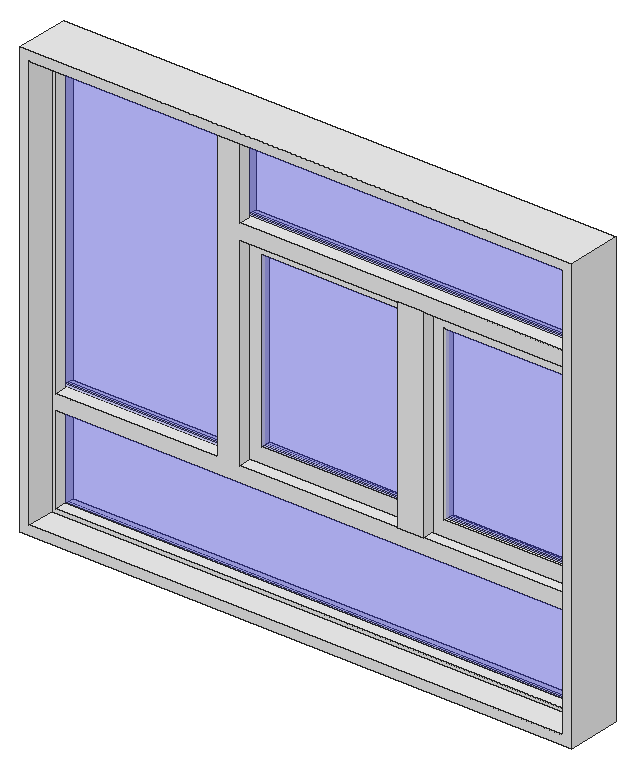
Revit family "f94038a98c554649bc48414b039e8972", category Windows, host Wall, Revit 2021
Family settings
  Host = Wall
  OmniClass Number = 23.30.20.00
  OmniClass Title = Windows
  Always vertical = Yes
  Cut with Voids When Loaded = No
  Shared = No
  Room Calculation Point = No
Parameters (values of type "61" x 48"")
  Window Inset [instance] = 0' - 0 5/8"
  Wall Thickness [instance] = 0' - 6"
  Visual Light Transmittance = 0.81
  Transom Height Ratio = 0.25
  Transom Height = Transom Height Ratio * Height  # 1' - 0"
  Thermal Resistance (R) = 1.8146 (h·ft²·°F)/BTU
  Solar Heat Gain Coefficient = 0.76
  Rough Width = Width + 0' 0 1/2"  # 5' - 1 1/2"
  Rough Height = Height + 0' 0 1/2"  # 4' - 0 1/2"
  Opening Window Height = Height - Transom Height * 2  # 2' - 0"
  Heat Transfer Coefficient (U) = 0.5511 BTU/(h·ft²·°F)
  Frame Material = Metal - Aluminum
  Height = 4' - 0"
  Glass Panel Material = Glass
  Frame Gap 3 [instance] = Frame Gap 1 + 0' 0 1/4"  # 0' - 1 83/128"
  Frame Gap 2 [instance] = if(Window Inset > 0' 0 5/8", Window Inset, 0' 0 5/8")  # 0' - 0 5/8"
  Frame Gap 1 = 0' - 1 51/128"
  Window Width = Width / 3  # 1' - 8.33333"
  Fire Rating = "0.5h"
  Default Sill Height = 3' - 0"
  Wall Closure = By host
  Width = 5' - 1"
  Assembly Code = "B2020100"
  Analytic Construction = "Double glazing - domestic"
Types (4): name | Transom Height Ratio | Transom Height | Rough Width | Rough Height | Opening Window Height | Height | Window Width | Width
  (no name) | 0.25 | 1' - 0" | 5' - 1 1/2" | 4' - 0 1/2" | 2' - 0" | 4' - 0" | 1' - 8.33333" | 5' - 1"
  72" x 53" | 0.3 | 1' - 3.9" | 6' - 0 1/2" | 4' - 5 1/2" | 1' - 9.2" | 4' - 5" | 2' - 0" | 6' - 0"
  61" x 48" | 0.25 | 1' - 0" | 5' - 1 1/2" | 4' - 0 1/2" | 2' - 0" | 4' - 0" | 1' - 8.33333" | 5' - 1"
  85" x 60" | 0.3 | 1' - 6" | 7' - 1 1/2" | 5' - 0 1/2" | 2' - 0" | 5' - 0" | 2' - 4.33333" | 7' - 1"
Reference planes (in)
  plane 1 "Center (Front/Back)": y = 0
  plane 2: z = 0
  plane 3 "Center (Left/Right)": x = 0
  plane 4 "Left": x = -30.5
  plane 5 "Right": x = 30.5
  plane 6 "Sill": z = 36
  plane 7 "Head": z = 84
  plane 8 "Exterior": y = 3
  plane 9 "Interior": y = -3
  plane 10 "Glass 1": y = 2.375
  plane 11: y = 0.125
  plane 12: x = -29.5
  plane 13: x = 29.5
  plane 14: y = 1.375
  plane 15: x = -29.10156
  plane 16: x = 29.10156
  plane 17: x = -10.16667
  plane 18: x = 10.16667
  plane 19: x = -11.16667
  plane 20: x = -9.16667
  plane 21: x = 9.16667
  plane 22: x = 11.16667
  plane 23: x = -11.5651
  plane 24: x = -8.76823
  plane 25: x = 8.76823
  plane 26: x = 11.5651
  plane 27: z = 83
  plane 28: z = 37
  plane 29 "Sash Offset": y = 2.625
  plane 30: y = 3
  plane 31: x = -27.85156
  plane 32: x = -12.8151
  plane 33: x = -7.51823
  plane 34: x = 7.51823
  plane 35: x = 12.8151
  plane 36: x = 27.85156
  plane 37: z = 37.39844
  plane 38: z = 82.60156
  plane 39 "Lower Transom": z = 48.82422
  plane 40 "Glass 2": y = 2.125
  plane 41 "Glass 3": y = 1.875
  plane 42 "Glass 4": y = 1.625
  plane 43: z = 60
  plane 44 "Mullion Offset": y = 2.875
  plane 45: z = 47.17578
  plane 46: z = 71.17578
  plane 47: z = 72.82422
  plane 48: z = 72
  plane 49: z = 48
Forms (in)
  Sweep 1, solid, material "Metal - Aluminum" <- "Frame Material"
    path origin (0, 0, 0) x (1, 0, 0) y (0, 0, 1)
      loop
        line (-30.5, 36) -> (30.5, 36) -> (30.5, 84) -> (-30.5, 84) -> (-30.5, 36)
    profile origin (-30.5, 0, 60) x (-1, 0, 0) y (0, -1, 0)
      loop
        line (0, -3) -> (0, 3) -> (-1, 3) -> (-1, -0.125) -> (-1.39844, -0.125) -> (-1.39844, -1.375) -> (-1, -1.375) -> (-1, -3) -> (0, -3)
  Extrusion 2, solid, material "Metal - Aluminum" <- "Frame Material"
    sketch origin (0, 0, 36) x (0, -1, 0) y (1, 0, 0)
      loop
        line (-2.875, -11.16667) -> (-0.125, -11.16667) -> (-0.125, -8.76823) -> (-1.375, -8.76823) -> (-1.375, -9.16667) -> (-2.875, -9.16667) -> (-2.875, -11.16667)
    from 12.82422 to 47
  Extrusion 3, solid, material "Glass" <- "Glass Panel Material"
    sketch origin (0, 0, 36) x (0, -1, 0) y (1, 0, 0)
      loop
        line (-2.375, 12.8151) -> (-2.125, 12.8151) -> (-2.125, 27.85156) -> (-2.375, 27.85156) -> (-2.375, 12.8151)
      loop
        line (-1.875, 12.8151) -> (-1.625, 12.8151) -> (-1.625, 27.85156) -> (-1.875, 27.85156) -> (-1.875, 12.8151)
      loop
        line (-2.375, -7.51823) -> (-2.125, -7.51823) -> (-2.125, 7.51823) -> (-2.375, 7.51823) -> (-2.375, -7.51823)
      loop
        line (-1.875, -7.51823) -> (-1.625, -7.51823) -> (-1.625, 7.51823) -> (-1.875, 7.51823) -> (-1.875, -7.51823)
    from 14.47266 to 33.52734
  Extrusion 4, solid, material "Metal - Aluminum" <- "Frame Material"
    sketch origin (-7.51823, 7.34112, 48) x (0, 1, 0) y (0, 0, 1)
      loop
        line (-4.46612, 0.82422) -> (-7.21612, 0.82422) -> (-7.21612, -0.82422) -> (-4.46612, -0.82422) -> (-4.46612, 0.82422)
    from -21.98177 to 37.01823
  Extrusion 5, solid, material "Glass" <- "Glass Panel Material"
    sketch origin (0, 0, 36) x (0, -1, 0) y (1, 0, 0)
      loop
        line (-2.375, -29.5) -> (-2.125, -29.5) -> (-2.125, -11.16667) -> (-2.375, -11.16667) -> (-2.375, -29.5)
      loop
        line (-1.875, -29.5) -> (-1.625, -29.5) -> (-1.625, -11.16667) -> (-1.875, -11.16667) -> (-1.875, -29.5)
    from 12.82422 to 47
  Extrusion 6, solid, material "Metal - Aluminum" <- "Frame Material"
    sketch origin (30.5, 0, 0) x (0, -1, 0) y (0, 0, 1)
      loop
        line (-2.875, 71.17578) -> (-0.125, 71.17578) -> (-0.125, 72.82422) -> (-2.875, 72.82422) -> (-2.875, 71.17578)
    from 1 to 39.66667
  Extrusion 7, solid, material "Metal - Aluminum" <- "Frame Material"
    sketch origin (0, 0, 36) x (0, -1, 0) y (1, 0, 0)
      loop
        line (-2.875, 9.16667) -> (-1.375, 9.16667) -> (-1.375, 8.76823) -> (-0.125, 8.76823) -> (-0.125, 11.5651) -> (-1.375, 11.5651) -> (-1.375, 11.16667) -> (-2.875, 11.16667) -> (-2.875, 9.16667)
    from 12.82422 to 35.17578
  Extrusion 8, solid, material "Glass" <- "Glass Panel Material"
    sketch origin (0, 0, 36) x (0, -1, 0) y (1, 0, 0)
      loop
        line (-1.875, -9.16667) -> (-1.625, -9.16667) -> (-1.625, 29.5) -> (-1.875, 29.5) -> (-1.875, -9.16667)
      loop
        line (-2.375, -9.16667) -> (-2.125, -9.16667) -> (-2.125, 29.5) -> (-2.375, 29.5) -> (-2.375, -9.16667)
    from 36.82422 to 47
  Extrusion 9, solid, material "Glass" <- "Glass Panel Material"
    sketch origin (0, 0, 36) x (0, -1, 0) y (1, 0, 0)
      loop
        line (-2.375, -29.5) -> (-2.125, -29.5) -> (-2.125, 29.5) -> (-2.375, 29.5) -> (-2.375, -29.5)
      loop
        line (-1.875, -29.5) -> (-1.625, -29.5) -> (-1.625, 29.5) -> (-1.875, 29.5) -> (-1.875, -29.5)
    from 1 to 11.17578
  Sweep 10, solid, material "Metal - Aluminum" <- "Frame Material"
    path origin (-18.69568, 2.625, 48) x (-1, 0, 0) y (0, 0, 1)
      loop
        line (-48.19568, 0.82422) -> (-29.86235, 0.82422) -> (-29.86235, 23.17578) -> (-48.19568, 23.17578) -> (-48.19568, 0.82422)
    profile origin (29.5, 2.625, 60) x (1, 0, 0) y (0, 1, 0)
      loop
        line (-1.64844, 0) -> (-1.64844, -1.25) -> (0, -1.25) -> (0, 0) -> (-1.64844, 0)
  Sweep 11, solid, material "Metal - Aluminum" <- "Frame Material"
    path origin (-18.69568, 2.625, 48) x (-1, 0, 0) y (0, 0, 1)
      loop
        line (-27.86235, 0.82422) -> (-9.52901, 0.82422) -> (-9.52901, 23.17578) -> (-27.86235, 23.17578) -> (-27.86235, 0.82422)
    profile origin (9.16667, 2.625, 60) x (1, 0, 0) y (0, 1, 0)
      loop
        line (0, 0) -> (-1.64844, 0) -> (-1.64844, -1) -> (0, -1) -> (0, 0)
Cuts and joins
  joined: Sweep 1, Extrusion 2, Extrusion 4, Extrusion 6
Lines and regions (in)
  Opening 1
    outline origin (-60, -3, 0) x (1, 0, 0) y (0, 0, 1)
      loop
        line (29.5, 84) -> (29.5, 36) -> (90.5, 36) -> (90.5, 84) -> (29.5, 84)
  symbolic lines, style "Elevation Swing"
    curve 1: line (11.16667, 2.625, 71.17578) -> (29.5, 2.625, 60)
    curve 2: line (29.5, 2.625, 60) -> (11.16667, 2.625, 48.82422)
    curve 3: line (9.16667, 2.625, 71.17578) -> (-9.16667, 2.625, 60)
    curve 4: line (-9.16667, 2.625, 60) -> (9.16667, 2.625, 48.82422)
Text (in)
  text "EXTERIOR" at (-58.6888, 50.90694, 0), in view "Ref. Level"
  text "INTERIOR" at (-58.6888, -37.76638, 0), in view "Ref. Level"
  text "Exterior" at (0, 43.65631, 123.19604), in view "Left"
  text "Exterior" at (0, 18.29385, 125.04747), in view "Right"
Dimensions and locks (in)
  equal spacing: plane 4 "Left", plane 3 "Center (Left/Right)", plane 5 "Right"
  "Width": plane 4 "Left" to plane 5 "Right"
  "Height": plane 6 "Sill" to plane 7 "Head"
  "Default Sill Height": plane 2 to plane 6 "Sill"
  locked: plane 4 "Left" to plane 12 at 1
  locked: plane 13 to plane 5 "Right" at 1
  "Frame Gap 1": plane 4 "Left" to plane 15
  "Frame Gap 1": plane 16 to plane 5 "Right"
  locked: plane 14 to plane 11 at 1.25
  equal spacing: plane 4 "Left", plane 17, plane 18, plane 5 "Right"
  locked: plane 19 to plane 17 at 1
  locked: plane 17 to plane 20 at 1
  locked: plane 21 to plane 18 at 1
  locked: plane 18 to plane 22 at 1
  "Frame Gap 1": plane 23 to plane 17
  "Frame Gap 1": plane 17 to plane 24
  "Frame Gap 1": plane 25 to plane 18
  "Frame Gap 1": plane 18 to plane 26
  locked: plane 7 "Head" to plane 27 at 1
  locked: plane 28 to plane 6 "Sill" at 1
  "Frame Gap 2": plane 30 to plane 10 "Glass 1"
  "Frame Gap 3": plane 12 to plane 31
  "Frame Gap 3": plane 32 to plane 19
  "Frame Gap 3": plane 20 to plane 33
  "Frame Gap 3": plane 34 to plane 21
  "Frame Gap 3": plane 22 to plane 35
  "Frame Gap 3": plane 36 to plane 13
  "Frame Gap 1": plane 6 "Sill" to plane 37
  "Frame Gap 1": plane 38 to plane 7 "Head"
  locked: plane 10 "Glass 1" to plane 40 "Glass 2" at 0.25
  locked: plane 40 "Glass 2" to plane 41 "Glass 3" at 0.25
  locked: plane 41 "Glass 3" to plane 42 "Glass 4" at 0.25
  locked: plane 10 "Glass 1" to plane 14 at 1
  locked: plane 29 "Sash Offset" to plane 10 "Glass 1" at 0.25
  locked: plane 44 "Mullion Offset" to plane 29 "Sash Offset" at 0.25
  "Frame Gap 3": plane 45 to plane 39 "Lower Transom"
  "Frame Gap 3": plane 46 to plane 47
  equal spacing: plane 45, plane 43, plane 47
  "Window Inset": plane 8 "Exterior" to plane 10 "Glass 1"
  "Wall Thickness": host wall to host wall
  equal spacing: plane 46, plane 48, plane 47
  "Transom Height": plane 48 to plane 7 "Head"
  equal spacing: plane 45, plane 49, plane 39 "Lower Transom"
  "Transom Height": plane 6 "Sill" to plane 49
  aligned and locked: plane 7 "Head" to Opening 1 sketch curve
  aligned and locked: plane 6 "Sill" to Opening 1 sketch curve  (x2)
  aligned and locked: plane 5 "Right" to Opening 1 sketch curve
  aligned and locked: plane 4 "Left" to Opening 1 sketch curve
  aligned and locked: level to plane 2
  aligned and locked: host wall to plane 8 "Exterior"
  aligned and locked: plane 9 "Interior" to host wall
  aligned and locked: Sweep 1 sketch curve to plane 4 "Left"  (x2)
  aligned and locked: plane 7 "Head" to Sweep 1 sketch curve  (x2)
  aligned and locked: plane 5 "Right" to Sweep 1 sketch curve  (x2)
  aligned and locked: plane 6 "Sill" to Sweep 1 sketch curve  (x2)
  aligned and locked: plane 4 "Left" to Sweep 1 sketch curve  (x2)
  aligned and locked: Sweep 1 sketch curve to plane 14
  aligned and locked: Sweep 1 sketch curve to plane 15
  aligned and locked: plane 11 to Sweep 1 sketch curve  (x2)
  aligned and locked: plane 9 "Interior" to Sweep 1 sketch curve  (x2)
  aligned and locked: plane 12 to Sweep 1 sketch curve  (x2)
  aligned and locked: plane 15 to Sweep 1 sketch curve
  aligned and locked: plane 14 to Sweep 1 sketch curve
  aligned and locked: Extrusion 2 to Sweep 1
  aligned and locked: plane 30 to Sweep 1 sketch curve  (x2)
  aligned and locked: plane 10 "Glass 1" to Extrusion 3 sketch curve
  aligned and locked: Extrusion 3 sketch curve to plane 35  (x2)
  aligned and locked: Extrusion 3 sketch curve to plane 40 "Glass 2"  (x2)
  aligned and locked: plane 36 to Extrusion 3 sketch curve  (x2)
  aligned and locked: plane 41 "Glass 3" to Extrusion 3 sketch curve  (x2)
  aligned and locked: Extrusion 3 sketch curve to plane 42 "Glass 4"  (x2)
  aligned and locked: nested 1 to plane 5 "Right"
  aligned and locked: plane 18 to nested 1
  aligned and locked: plane 13 to curve 2
  aligned and locked: plane 43 to curve 1
  aligned and locked: plane 22 to curve 2
  aligned and locked: plane 44 "Mullion Offset" to Extrusion 2
  aligned and locked: plane 13 to Extrusion 4
  aligned and locked: plane 10 "Glass 1" to Extrusion 5 sketch curve
  aligned and locked: Extrusion 5 sketch curve to plane 12  (x2)
  aligned and locked: Extrusion 5 sketch curve to plane 40 "Glass 2"
  aligned and locked: Extrusion 5 sketch curve to plane 41 "Glass 3"
  aligned and locked: Extrusion 5 sketch curve to plane 42 "Glass 4"
  aligned and locked: plane 19 to Extrusion 5 sketch curve
  aligned and locked: plane 27 to Extrusion 5
  aligned and locked: Extrusion 5 to plane 39 "Lower Transom"
  aligned and locked: Extrusion 2 to plane 39 "Lower Transom"
  aligned and locked: Extrusion 4 to plane 12
  aligned and locked: plane 13 to Extrusion 6
  aligned and locked: Extrusion 6 to plane 20
  aligned and locked: plane 39 "Lower Transom" to Extrusion 4 sketch curve
  aligned and locked: Extrusion 4 sketch curve to plane 45
  aligned and locked: Extrusion 4 sketch curve to plane 11
  aligned and locked: Extrusion 2 sketch curve to plane 19
  aligned and locked: Extrusion 2 sketch curve to plane 11
  aligned and locked: Extrusion 2 sketch curve to plane 24
  aligned and locked: Extrusion 2 sketch curve to plane 44 "Mullion Offset"
  aligned and locked: plane 20 to Extrusion 2 sketch curve  (x2)
  aligned and locked: plane 14 to Extrusion 2 sketch curve  (x2)
  aligned and locked: plane 24 to Extrusion 2 sketch curve
  aligned and locked: plane 19 to Extrusion 2 sketch curve
  aligned and locked: plane 11 to Extrusion 2 sketch curve
  aligned and locked: Extrusion 7 sketch curve to plane 44 "Mullion Offset"
  aligned and locked: Extrusion 7 sketch curve to plane 14  (x2)
  aligned and locked: plane 25 to Extrusion 7 sketch curve
  aligned and locked: Extrusion 7 sketch curve to plane 26
  aligned and locked: plane 11 to Extrusion 7 sketch curve  (x2)
  aligned and locked: plane 21 to Extrusion 7 sketch curve  (x2)
  aligned and locked: plane 22 to Extrusion 7 sketch curve  (x2)
  aligned and locked: plane 44 "Mullion Offset" to Extrusion 7 sketch curve
  aligned and locked: plane 14 to Extrusion 7 sketch curve  (x2)
  aligned and locked: plane 46 to Extrusion 7
  aligned and locked: Extrusion 7 to plane 39 "Lower Transom"
  aligned and locked: Extrusion 3 sketch curve to plane 33  (x2)
  aligned and locked: plane 34 to Extrusion 3 sketch curve  (x2)
  aligned and locked: Extrusion 8 to plane 47
  aligned and locked: plane 27 to Extrusion 8
  aligned and locked: plane 10 "Glass 1" to Extrusion 9 sketch curve
  aligned and locked: Extrusion 9 sketch curve to plane 12  (x2)
  aligned and locked: Extrusion 9 sketch curve to plane 40 "Glass 2"
  aligned and locked: plane 13 to Extrusion 9 sketch curve  (x2)
  aligned and locked: Extrusion 9 sketch curve to plane 41 "Glass 3"
  aligned and locked: Extrusion 9 sketch curve to plane 42 "Glass 4"
  aligned and locked: plane 46 to curve 1
  aligned and locked: plane 22 to curve 1
  aligned and locked: plane 39 "Lower Transom" to curve 2
  aligned and locked: plane 21 to curve 3
  aligned and locked: plane 46 to curve 3
  aligned and locked: plane 43 to curve 4
  aligned and locked: plane 20 to curve 4
  aligned and locked: plane 45 to Extrusion 9
  aligned and locked: Extrusion 9 to plane 28
  aligned and locked: Sweep 10 sketch curve to profile plane
  aligned and locked: plane 36 to Sweep 10 sketch curve
  aligned and locked: Sweep 10 sketch curve to cut or joined group of Sweep 1, Extrusion 2, Extrusion 4, Extrusion 6
  aligned and locked: cut or joined group of Sweep 1, Extrusion 2, Extrusion 4, Extrusion 6 to Sweep 10 sketch curve
  aligned and locked: Sweep 10 sketch curve to plane 46
  aligned and locked: plane 46 to Sweep 10 sketch curve
  aligned and locked: plane 39 "Lower Transom" to Sweep 10 sketch curve  (x2)
  aligned and locked: plane 13 to Sweep 10 sketch curve  (x2)
  aligned and locked: plane 22 to Sweep 10 sketch curve  (x2)
  aligned and locked: Extrusion 3 to Sweep 10  (x2)
  aligned and locked: Sweep 11 sketch curve to plane 46
  aligned and locked: plane 21 to Sweep 11 sketch curve  (x2)
  aligned and locked: plane 39 "Lower Transom" to Sweep 11 sketch curve  (x2)
  aligned and locked: plane 46 to Sweep 11 sketch curve
  aligned and locked: plane 20 to Sweep 11 sketch curve  (x2)
  aligned and locked: profile plane to Sweep 11 sketch curve
  aligned and locked: Sweep 11 sketch curve to profile plane
  aligned and locked: Extrusion 9 to Sweep 11 sketch curve
  aligned and locked: Sweep 11 sketch curve to plane 34
  aligned and locked: Extrusion 6 sketch curve to plane 44 "Mullion Offset"
  aligned and locked: Extrusion 6 sketch curve to plane 47
  aligned and locked: plane 46 to Extrusion 6 sketch curve
  aligned and locked: plane 11 to Extrusion 6 sketch curve
  aligned and locked: plane 47 to Extrusion 6 sketch curve
  aligned and locked: Extrusion 9 to Extrusion 8 sketch curve
  aligned and locked: Extrusion 8 sketch curve to plane 20  (x2)
  aligned and locked: Extrusion 8 sketch curve to Extrusion 9  (x4)
  aligned and locked: plane 10 "Glass 1" to Extrusion 8 sketch curve
  aligned and locked: nested 1 to plane 8 "Exterior"
  aligned and locked: nested 2 to plane 4 "Left"
  aligned and locked: nested 2 to plane 8 "Exterior"
  aligned and locked: plane 39 "Lower Transom" to nested 2
  aligned and locked: plane 17 to nested 3
  aligned and locked: nested 3 to plane 8 "Exterior"
  aligned and locked: plane 46 to nested 3
  aligned and locked: nested 1 to plane 7 "Head"
  aligned and locked: Extrusion 4 sketch curve to plane 44 "Mullion Offset"
  aligned and locked: plane 39 "Lower Transom" to curve 4
  aligned and locked: plane 21 to curve 4
Automatic sketch dimensions
  Extrusion 5 sketch curve to plane 40 "Glass 2" = 0' - 0"
  Extrusion 5 sketch curve to plane 19 = 0' - 0"
  Extrusion 3 sketch curve to plane 10 "Glass 1" = 0' - 0"
  Extrusion 3 sketch curve to plane 42 "Glass 4" = 0' - 0"
Nested families (in)
  nested 1: "Plan-Casement" at (20.33333, 3, 72), Window Inset <- "Window Inset", Wall Thickness <- "Wall Thickness", Width <- "Window Width", Height <- "Transom Height", type "Plan-Casement"
    with Window Inset of 3D 0' - 0 1/8", Window Inset 0' - 0 5/8", Width 1' - 8.33333", Wall Thickness 0' - 6", Top Line yes, Right Line yes, RH yes, Left Line no, LH no, Height 1' - 0", Bottom Line no
  nested 2: "Plan-Fixed_Simple" at (-20.33333, 3, 36.82422), Window Inset <- "Window Inset", Width <- "Window Width", Wall Thickness <- "Wall Thickness", Height <- "Transom Height", type "Plan-Fixed_Simple"
    with Window Inset of 3D 0' - 0 1/8", Window Inset 0' - 0 5/8", Width 1' - 8.33333", Wall Thickness 0' - 6", Top Line no, Right Line no, Left Line yes, Height 1' - 0", Bottom Line yes
  nested 3: "Plan-Casement" at (0, 3, 47.17578), Window Inset <- "Window Inset", Height <- "Opening Window Height", Wall Thickness <- "Wall Thickness", Width <- "Window Width", type "Plan-Casement"
    with Window Inset of 3D 0' - 0 1/8", Window Inset 0' - 0 5/8", Width 1' - 8.33333", Wall Thickness 0' - 6", Top Line no, Right Line no, RH no, Left Line no, LH yes, Height 2' - 0", Bottom Line no
Definition of nested family "Plan-Casement"
  Parameters (values of type "Plan-Casement")
    Window Inset [instance] = 0' - 1"
    Window Inset of 3D [instance] = if(Window Inset - 0' 0 1/2" < 0' 0", 0' 0", if(Window Inset - 0' 0 1/2" < Wall Thickness - 0' 3 1/2", Window Inset - 0' 0 1/2", Wall Thickness - 0' 3 1/2"))  # 0' - 0 1/2"
    Width [instance] = 4' - 0"
    Wall Thickness [instance] = 0' - 6"
    Top Line [instance] = yes
    Right Line [instance] = yes
    RH [instance] = yes
    Left Line [instance] = yes
    LH [instance] = yes
    Height [instance] = 3' - 0"
    Default Elevation = 4' - 0"
    Bottom Line [instance] = yes
    Analytic Construction = "<None>"
  Reference planes (in)
    plane 1 "Center (Front/Back)": y = 0
    plane 2: z = 0
    plane 3 "Center (Left/Right)": x = 0
    plane 4: x = -24
    plane 5: x = 24
    plane 6 "Jamb": y = -4
    plane 7: x = -23.5
    plane 8: x = -22.75
    plane 9: y = -0.5
    plane 10: y = -2.25
    plane 11: y = -1.375
    plane 12: x = -21.25
    plane 13: x = 23.5
    plane 14: x = 22.75
    plane 15: x = 21.25
    plane 16 "Window Inset": y = -1
    plane 17 "Wall": y = -6
    plane 18: z = 36
    plane 19: z = 35.5
    plane 20: z = 0.5
    plane 21: z = 34.75
    plane 22: z = 1.25
    plane 23: z = 33.25
    plane 24: z = 2.75
  Lines and regions (in)
    Masking region 1
      outline origin (0, 0.75, 0) x (1, 0, 0) y (0, 1, 0)
        loop
          line (-24, -0.75) -> (-24, -6.75) -> (24, -6.75) -> (24, -0.75) -> (-24, -0.75)
    Masking region 2
      outline origin (0, 0, 0) x (0, 1, 0) y (0, 0, 1)
        loop
          line (0, 36) -> (-6, 36) -> (-6, 0) -> (0, 0) -> (0, 36)
    symbolic lines
      curve 1: line (-23.5, -2.25, 0) -> (-22.75, -2.25, 0)
      curve 2: line (-22.75, -2.25, 0) -> (-22.75, -4, 0)
      curve 3: line (-23.5, -0.5, 0) -> (-23.5, -2.25, 0)
      curve 4: line (-21.25, -0.5, 0) -> (-21.25, -2.25, 0)
      curve 5: line (-21.25, -2.25, 0) -> (-22.75, -2.25, 0)
      curve 6: line (-21.25, -1.375, 0) -> (21.25, -1.375, 0)
      curve 7: line (23.5, -2.25, 0) -> (22.75, -2.25, 0)
      curve 8: line (22.75, -2.25, 0) -> (22.75, -4, 0)
      curve 9: line (23.5, -0.5, 0) -> (23.5, -2.25, 0)
      curve 10: line (21.25, -0.5, 0) -> (21.25, -2.25, 0)
      curve 11: line (21.25, -2.25, 0) -> (22.75, -2.25, 0)
      curve 14: line (-24, -4, 0) -> (-22.75, -4, 0)
      curve 15: line (22.75, -4, 0) -> (24, -4, 0)
      curve 16: line (22.75, -4, 0) -> (-22.75, -4, 0)
      curve 17: line (0, -0.5, 35.5) -> (0, -2.25, 35.5)
      curve 18: line (0, -2.25, 34.75) -> (0, -4, 34.75)
      curve 19: line (0, -0.5, 0.5) -> (0, -2.25, 0.5)
      curve 20: line (0, -2.25, 0.5) -> (0, -2.25, 2.75)
      curve 21: line (0, -2.25, 1.25) -> (0, -4, 1.25)
      curve 22: line (0, -0.5, 36) -> (0, -0.5, 33.25)
      curve 23: line (0, -0.5, 33.25) -> (0, -2.25, 33.25)
      curve 24: line (0, -2.25, 2.75) -> (0, -0.5, 2.75)
      curve 25: line (0, -1.375, 2.75) -> (0, -1.375, 33.25)
      curve 28: line (0, -2.25, 35.5) -> (0, -2.25, 33.25)
      curve 29: line (21.25, -0.5, 0) -> (24, -0.5, 0)
      curve 30: line (-21.25, -0.5, 0) -> (-24, -0.5, 0)
      curve 31: line (0, -0.5, 2.75) -> (0, -0.5, 0)
      curve 32: line (-21.25, -0.5, 0) -> (21.25, -0.5, 0)
      curve 33: line (0, -0.5, 33.25) -> (0, -0.5, 2.75)
      curve 38: line (0, -4, 1.25) -> (0, -4, 34.75)
      curve 39: line (0, -4, 1.25) -> (0, -4, 0)
      curve 40: line (0, -4, 36) -> (0, -4, 34.75)
    symbolic lines, visible <- "RH"
      curve 12: arc (-23.5, -0.5, 0) -> (-19.92234, 17.48612, 0) -> (-9.73402, 32.73402, 0) r 47
      curve 26: line (23.5, -0.5, 0) -> (-9.73402, 32.73402, 0)
    symbolic lines, visible <- "LH"
      curve 13: line (-23.5, -0.5, 0) -> (9.73402, 32.73402, 0)
      curve 27: arc (23.5, -0.5, 0) -> (19.92234, 17.48612, 0) -> (9.73402, 32.73402, 0) r 47
    symbolic lines, visible <- "Right Line"
      curve 34: line (24, 0, 0) -> (24, -6, 0)
    symbolic lines, visible <- "Left Line"
      curve 35: line (-24, 0, 0) -> (-24, -6, 0)
    symbolic lines, visible <- "Top Line"
      curve 36: line (0, 0, 36) -> (0, -6, 36)
    symbolic lines, visible <- "Bottom Line"
      curve 37: line (0, 0, 0) -> (0, -6, 0)
  Dimensions and locks (in)
    "Width": plane 4 to plane 5
    equal spacing: plane 4, plane 3 "Center (Left/Right)", plane 5
    plane 4 to plane 7 to plane 8 = 0' - 0 1/2" locked, 0' - 0 3/4" locked
    equal spacing: plane 9, plane 11, plane 10
    locked: plane 7 to plane 12 at 2.25
    plane 5 to plane 13 to plane 14 = 0' - 0 1/2" locked, 0' - 0 3/4" locked
    locked: plane 13 to plane 15 at 2.25
    locked: plane 9 to plane 16 "Window Inset" at 0.5
    locked: plane 9 to plane 10 at 1.75
    "Wall Thickness": plane 17 "Wall" to plane 1 "Center (Front/Back)"
    "Height": plane 18 to plane 2
    locked: plane 18 to plane 19 at 0.5
    locked: plane 20 to plane 2 at 0.5
    locked: plane 19 to plane 21 at 0.75
    locked: plane 22 to plane 20 at 0.75
    locked: plane 19 to plane 23 at 2.25
    locked: plane 24 to plane 20 at 2.25
    locked: plane 10 to plane 6 "Jamb" at 1.75
    "Window Inset of 3D": plane 9 to plane 1 "Center (Front/Back)"
    locked: plane 9 to curve 13 (angle 45.00°)
    angle curve 26 to plane 16 "Window Inset" = 45.00°
    aligned and locked: plane 2 to level
    aligned and locked: curve 2 to plane 8
    aligned and locked: curve 1 to plane 10
    aligned and locked: plane 14 to curve 8
    aligned and locked: curve 14 to plane 6 "Jamb"
    aligned and locked: curve 15 to plane 6 "Jamb"
    aligned and locked: plane 21 to curve 18
    aligned and locked: plane 19 to curve 17
    aligned and locked: plane 22 to curve 21
    aligned and locked: plane 10 to curve 20
    aligned and locked: plane 20 to curve 19
    aligned and locked: curve 22 to plane 9
    aligned and locked: plane 23 to curve 23
    aligned and locked: curve 24 to plane 24
    aligned and locked: plane 11 to curve 25
    aligned and locked: plane 13 to curve 27
    aligned and locked: plane 9 to curve 13
    aligned and locked: plane 9 to curve 26
    aligned and locked: plane 5 to curve 29
    aligned and locked: plane 18 to curve 22
    aligned and locked: plane 9 to curve 17
    aligned and locked: plane 9 to curve 19
    aligned and locked: plane 9 to curve 3
    aligned and locked: plane 9 to curve 9
    aligned and locked: curve 28 to plane 10
    aligned and locked: plane 19 to curve 28
    aligned and locked: plane 23 to curve 28
    aligned and locked: plane 4 to curve 30
    aligned and locked: plane 9 to curve 31
    aligned and locked: plane 2 to curve 31
    aligned and locked: curve 32 to plane 9
    aligned and locked: plane 12 to curve 32
    aligned and locked: plane 15 to curve 32
    aligned and locked: plane 24 to curve 33
    aligned and locked: plane 1 "Center (Front/Back)" to curve 34
    aligned and locked: plane 17 "Wall" to curve 34
    aligned and locked: curve 34 to plane 5
    aligned and locked: plane 17 "Wall" to curve 35
    aligned and locked: plane 1 "Center (Front/Back)" to curve 35
    aligned and locked: curve 35 to plane 4
    aligned and locked: plane 17 "Wall" to curve 37
    aligned and locked: plane 1 "Center (Front/Back)" to curve 37
    aligned and locked: curve 37 to plane 2
    aligned and locked: plane 17 "Wall" to curve 36
    aligned and locked: plane 1 "Center (Front/Back)" to curve 36
    aligned and locked: curve 36 to plane 18
    aligned and locked: plane 1 "Center (Front/Back)" to Masking region 1 sketch curve
    aligned and locked: plane 17 "Wall" to Masking region 1 sketch curve
    aligned and locked: plane 4 to Masking region 1 sketch curve
    aligned and locked: Masking region 1 sketch curve to plane 5
    aligned and locked: plane 2 to Masking region 2 sketch curve
    aligned and locked: Masking region 2 sketch curve to plane 18
    aligned and locked: plane 1 "Center (Front/Back)" to Masking region 2 sketch curve
    aligned and locked: plane 17 "Wall" to Masking region 2 sketch curve
    aligned and locked: plane 6 "Jamb" to curve 21
    aligned and locked: plane 6 "Jamb" to curve 18
    aligned and locked: plane 10 to curve 18
    aligned and locked: plane 10 to curve 21
    aligned and locked: plane 22 to curve 39
    aligned and locked: plane 21 to curve 40
    aligned and locked: plane 6 "Jamb" to curve 40
  Automatic sketch dimensions
    curve 3 to plane 7 = 0' - 0"
    curve 27 to plane 7 = 0' - 0"
    curve 12 to plane 13 = 0' - 0"
    curve 7 to plane 10 = 0' - 0"
    curve 6 to plane 11 = 0' - 0"
Definition of nested family "Plan-Fixed_Simple"
  Parameters (values of type "Plan-Fixed_Simple")
    Window Inset [instance] = 0' - 1"
    Window Inset of 3D [instance] = if(Window Inset - 0' 0 1/2" < 0' 0", 0' 0", if(Window Inset - 0' 0 1/2" < Wall Thickness - 0' 3 1/2", Window Inset - 0' 0 1/2", Wall Thickness - 0' 3 1/2"))  # 0' - 0 1/2"
    Width [instance] = 4' - 0"
    Wall Thickness [instance] = 0' - 6"
    Top Line [instance] = yes
    Right Line [instance] = yes
    Left Line [instance] = yes
    Height [instance] = 3' - 0"
    Default Elevation = 4' - 0"
    Bottom Line [instance] = yes
    Analytic Construction = "<None>"
  Reference planes (in)
    plane 1 "Center (Front/Back)": y = 0
    plane 2: z = 0
    plane 3 "Center (Left/Right)": x = 0
    plane 4: x = -24
    plane 5: x = 24
    plane 6 "Jamb": y = -4
    plane 7: x = -23.5
    plane 8: y = -0.5
    plane 9: y = -2.25
    plane 10: y = -1.375
    plane 11: x = 23.5
    plane 12 "Window Inset": y = -1
    plane 13 "Wall": y = -6
    plane 14: z = 36
    plane 15: z = 35.5
    plane 16: z = 0.5
    plane 17: z = 34.75
    plane 18: z = 1.25
    plane 19: z = 33.25
    plane 20: z = 2.75
  Lines and regions (in)
    Masking region 1
      outline origin (0, 0.75, 0) x (1, 0, 0) y (0, 1, 0)
        loop
          line (-24, -0.75) -> (-24, -6.75) -> (24, -6.75) -> (24, -0.75) -> (-24, -0.75)
    Masking region 2
      outline origin (0, 0, 0) x (0, 1, 0) y (0, 0, 1)
        loop
          line (-6, 0) -> (0, 0) -> (0, 36) -> (-6, 36) -> (-6, 0)
    symbolic lines
      curve 1: line (-23.5, -0.5, 0) -> (-23.5, -4, 0)
      curve 2: line (-23.5, -1.375, 0) -> (23.5, -1.375, 0)
      curve 3: line (23.5, -0.5, 0) -> (23.5, -4, 0)
      curve 4: line (-24, -4, 0) -> (-23.5, -4, 0)
      curve 5: line (23.5, -4, 0) -> (24, -4, 0)
      curve 6: line (23.5, -4, 0) -> (-23.5, -4, 0)
      curve 7: line (0, -0.5, 35.5) -> (0, -4, 35.5)
      curve 8: line (0, -4, 0.5) -> (0, -4, 35.5)
      curve 9: line (0, -0.5, 0.5) -> (0, -4, 0.5)
      curve 10: line (0, -0.5, 36) -> (0, -0.5, 35.5)
      curve 11: line (0, -1.375, 0.5) -> (0, -1.375, 35.5)
      curve 12: line (23.5, -0.5, 0) -> (24, -0.5, 0)
      curve 13: line (-23.5, -0.5, 0) -> (-24, -0.5, 0)
      curve 14: line (0, -0.5, 0.5) -> (0, -0.5, 0)
      curve 15: line (-23.5, -0.5, 0) -> (23.5, -0.5, 0)
      curve 16: line (0, -0.5, 0.5) -> (0, -0.5, 35.5)
      curve 17: line (0, -4, 0.5) -> (0, -4, 0)
      curve 18: line (0, -4, 35.5) -> (0, -4, 36)
    symbolic lines, visible <- "Left Line"
      curve 19: line (-24, 0, 0) -> (-24, -6, 0)
    symbolic lines, visible <- "Right Line"
      curve 20: line (24, 0, 0) -> (24, -6, 0)
    symbolic lines, visible <- "Top Line"
      curve 21: line (0, 0, 36) -> (0, -6, 36)
    symbolic lines, visible <- "Bottom Line"
      curve 22: line (0, 0, 0) -> (0, -6, 0)
  Dimensions and locks (in)
    "Width": plane 4 to plane 5
    equal spacing: plane 4, plane 3 "Center (Left/Right)", plane 5
    locked: plane 4 to plane 7 at 0.5
    equal spacing: plane 8, plane 10, plane 9
    locked: plane 5 to plane 11 at 0.5
    locked: plane 8 to plane 12 "Window Inset" at 0.5
    locked: plane 8 to plane 9 at 1.75
    "Wall Thickness": plane 13 "Wall" to plane 1 "Center (Front/Back)"
    "Height": plane 14 to plane 2
    locked: plane 14 to plane 15 at 0.5
    locked: plane 16 to plane 2 at 0.5
    locked: plane 15 to plane 17 at 0.75
    locked: plane 18 to plane 16 at 0.75
    locked: plane 15 to plane 19 at 2.25
    locked: plane 20 to plane 16 at 2.25
    locked: plane 9 to plane 6 "Jamb" at 1.75
    "Window Inset of 3D": plane 8 to plane 1 "Center (Front/Back)"
    aligned and locked: plane 2 to level
    aligned and locked: Masking region 1 sketch curve to plane 13 "Wall"
    aligned and locked: curve 4 to plane 6 "Jamb"
    aligned and locked: curve 5 to plane 6 "Jamb"
    aligned and locked: plane 1 "Center (Front/Back)" to Masking region 1 sketch curve  (x2)
    aligned and locked: plane 13 "Wall" to Masking region 2 sketch curve  (x2)
    aligned and locked: plane 6 "Jamb" to curve 8
    aligned and locked: plane 15 to curve 7
    aligned and locked: plane 16 to curve 9
    aligned and locked: curve 10 to plane 8
    aligned and locked: plane 10 to curve 11
    aligned and locked: plane 5 to curve 12
    aligned and locked: plane 14 to curve 10
    aligned and locked: plane 8 to curve 7
    aligned and locked: plane 4 to curve 13
    aligned and locked: plane 8 to curve 14
    aligned and locked: plane 2 to curve 14
    aligned and locked: curve 1 to plane 7
    aligned and locked: plane 11 to curve 3
    aligned and locked: curve 15 to plane 8
    aligned and locked: curve 18 to plane 6 "Jamb"
    aligned and locked: plane 4 to Masking region 1 sketch curve
    aligned and locked: Masking region 1 sketch curve to plane 5
    aligned and locked: plane 14 to Masking region 2 sketch curve
    aligned and locked: Masking region 2 sketch curve to plane 2
    aligned and locked: plane 13 "Wall" to Masking region 1 sketch curve
    aligned and locked: plane 1 "Center (Front/Back)" to curve 19
    aligned and locked: plane 13 "Wall" to curve 19
    aligned and locked: curve 19 to plane 4
    aligned and locked: plane 1 "Center (Front/Back)" to curve 20
    aligned and locked: plane 13 "Wall" to curve 20
    aligned and locked: curve 20 to plane 5
    aligned and locked: plane 1 "Center (Front/Back)" to Masking region 2 sketch curve
    aligned and locked: plane 1 "Center (Front/Back)" to curve 21
    aligned and locked: plane 13 "Wall" to curve 21
    aligned and locked: curve 21 to plane 14
    aligned and locked: plane 1 "Center (Front/Back)" to curve 22
    aligned and locked: plane 13 "Wall" to curve 22
    aligned and locked: curve 22 to plane 2
  Automatic sketch dimensions
    curve 2 to plane 10 = 0' - 0"
